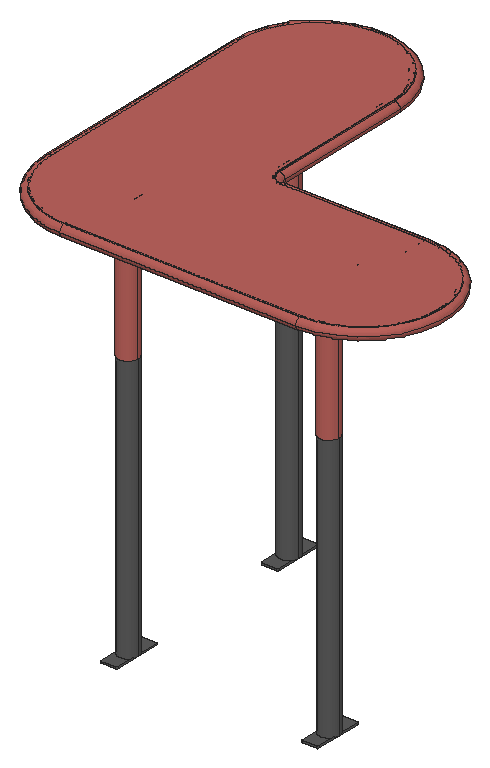
Revit family "product code 61403-F", category Meble, Revit 2021
Family settings
  Numer OmniClass = 23.40.20.00
  Tytuł OmniClass = General Furniture and Specialties
  Oparty na płaszczyźnie roboczej = Nie
  Zawsze pionowo = Tak
  Tnij formami wycięć po wczytaniu = Nie
  Współdzielony = Nie
  Punkt obliczania pomieszczeń = Nie
Parameters (values of type "Sydhavn")
  metal = Kobenhagen RAL 3000
  Width = "120 cm"
  Weight = "45 kg"
  URL = "https://kobenhagen.com/en_US/p/Sydhavn-L-shaped-Bench/234"
  Product Line = "Sydhavn"
  Product Groups = "Benches"
  Producent = "Lars Laj"
  Keynote = ""
  Opis = "Sydhavn L-shaped Bench"
  Model = "61403-F"
  Material = "Powder coated steel"
  Maintenance = "We recommend to examine and tighten all screws and bolt clamps after a few weeks’ use. In order to prevent cracks and to extend the life of the wood, it is recommended that the wood details should be oiled every 3-5 years."
  Lenght = "120 cm"
  Type Comments = ""
  Kobenhagen Materials = "larslaj.com/bim"
  Hosted on larslaj.com = "https://larslaj.com/bim"
  Height = "45 cm"
  Domyślna rzędna = 0 mm
  Copyright = "All designs and drawings are the intellectual property of Lars Laj A/S and are protected by Danish and international copyright laws."
Reference planes
  plane 1: z = 0
  plane 2 "Środek (Lewa/Prawa)": x = 0
  plane 3 "Góra": z = 1062.347
  plane 4 "Środek": y = 257.204
Forms (mm)
  Extrusion 1, solid, material "Kobenhagen RAL 3000" <- "metal", not visible
    sketch origin (0, 0, 0) x (0, 1, 0) y (0, 0, 1)
      loop
        arc (71.187, 451.5) -> (57.045, 445.642) -> (51.187, 431.5) r 20
        line (51.187, 431.5) -> (51.187, 18.231)
        arc (51.187, 18.231) -> (56.527, 5.34) -> (69.418, 0) r 18.231
        line (69.418, 0) -> (153.638, 0) -> (153.638, 15) -> (448.638, 15) -> (448.638, 0) -> (527.023, 0)
        arc (527.023, 0) -> (542.307, 6.331) -> (548.638, 21.615) r 21.615
        line (548.638, 21.615) -> (548.638, 429.407)
        arc (548.638, 429.407) -> (542.168, 445.029) -> (526.545, 451.5) r 22.093
        line (526.545, 451.5) -> (71.187, 451.5)
    from 750.378 to 745
  Extrusion 2, solid, material "Kobenhagen RAL 3000" <- "metal", not visible
    sketch origin (0, 0, 0) x (0, 1, 0) y (0, 0, 1)
      loop
        line (548.638, 396.844) -> (629.375, 854.725) -> (601.836, 859.581)
        arc (601.836, 859.581) -> (585.224, 855.898) -> (576.082, 841.547) r 22.232
        line (576.082, 841.547) -> (507.306, 451.5) -> (526.545, 451.5)
        arc (526.545, 451.5) -> (542.168, 445.029) -> (548.638, 429.407) r 22.093
        line (548.638, 429.407) -> (548.638, 396.844)
    from 745 to 750.378
  Extrusion 3, solid, material "Kobenhagen RAL 3000" <- "metal"
    sketch origin (89.732, -18.452, 0) x (0, -1, 0) y (1, 0, 0)
      loop
        circle (-275.327, -399.004) r 30.15
      loop
        circle (-275.327, -399.004) r 28.15
    from 444.1 to 0
  Extrusion 4, solid, material "Painted Black"
    sketch origin (389.004, -21.874, 0) x (1, 0, 0) y (0, 1, 0)
      loop
        line (-722.97, 354.396) -> (-722.97, 210.396)
        arc (-722.97, 210.396) -> (-722.091, 208.274) -> (-719.97, 207.396) r 3
        line (-719.97, 207.396) -> (-675.97, 207.396)
        arc (-675.97, 207.396) -> (-673.849, 208.274) -> (-672.97, 210.396) r 3
        line (-672.97, 210.396) -> (-672.97, 354.396)
        arc (-672.97, 354.396) -> (-673.849, 356.517) -> (-675.97, 357.396) r 3
        line (-675.97, 357.396) -> (-719.97, 357.396)
        arc (-719.97, 357.396) -> (-722.091, 356.517) -> (-722.97, 354.396) r 3
    from -800 to -795
  Extrusion 5, solid, material "Kobenhagen RAL 3000" <- "metal"
    sketch origin (-310.106, -20.486, 0) x (0, 1, 0) y (0, 0, 1)
      loop
        line (608.966, 447.188) -> (558.966, 447.188) -> (558.966, 417.188) -> (608.966, 417.188) -> (608.966, 447.188)
      loop
        line (606.966, 445.188) -> (560.966, 445.188) -> (560.966, 419.188) -> (606.966, 419.188) -> (606.966, 445.188)
    from -216.276 to 216.276
  Extrusion 6, solid, material "Kobenhagen RAL 3000" <- "metal"
    sketch origin (439.004, -15.597, 0) x (1, 0, 0) y (0, 1, 0)
      loop
        line (-699.004, 325.327) -> (-799.004, 325.327) -> (-799.004, 225.327) -> (-699.004, 225.327) -> (-699.004, 325.327)
    from 447.05 to 443.488
  Extrusion 7, solid, material "Painted Black"
    sketch origin (89.732, -17.202, 0) x (1, 0, 0) y (0, 1, 0)
      loop
        circle (-399.004, 275.327) r 30.15
      loop
        circle (-399.004, 275.327) r 28.15
    from 0 to -795
  Extrusion 8, solid, material "Kobenhagen RAL 3000" <- "metal"
    sketch origin (0, 0, 0) x (1, 0, 0) y (0, 1, 0)
      loop
        line (391.034, 490.354) -> (-39.938, 490.354)
        arc (-39.938, 490.354) -> (-66.218, 502.534) -> (-76.933, 529.444) r 39.15
        line (-76.933, 529.444) -> (-76.933, 958.082)
        arc (-76.933, 958.082) -> (-310.083, 1191.232) -> (-543.233, 958.082) r 233.15
        line (-543.233, 958.082) -> (-543.233, 257.144)
        arc (-543.233, 257.144) -> (-476.795, 94.153) -> (-315.344, 24.054) r 233.15
        line (-315.344, 24.054) -> (391.034, 24.054)
        arc (391.034, 24.054) -> (624.184, 257.204) -> (391.034, 490.354) r 233.15
    from 447.188 to 450
  Sweep 9, solid, material "Kobenhagen RAL 3000" <- "metal"
    path origin (-300, 0, 450) x (1, 0, 0) y (0, 1, 0)
      loop
        line (691.034, 490.354) -> (260.062, 490.354)
        arc (260.062, 490.354) -> (233.782, 502.534) -> (223.067, 529.444) r 39.15
        line (223.067, 529.444) -> (223.067, 958.082)
        arc (223.067, 958.082) -> (-10.601, 1191.75) -> (-244.269, 958.082) r 233.668
        line (-244.269, 958.082) -> (-244.269, 256.817)
        arc (-244.269, 256.817) -> (-176.221, 92.537) -> (-11.941, 24.49) r 232.327
        line (-11.941, 24.49) -> (691.034, 24.49)
        arc (691.034, 24.49) -> (923.966, 257.422) -> (691.034, 490.354) r 232.932
    profile origin (175.548, 490.354, 450) x (0, -1, 0) y (0, 0, 1)
      loop
        circle (0, -16.8) r 16.85
      loop
        circle (0, -16.8) r 14.85
  Extrusion 10, solid, material "Kobenhagen RAL 3000" <- "metal"
    sketch origin (577.5, 257.204, 0) x (-1, 0, 0) y (0, 0, 1)
      loop
        line (608.966, 447.188) -> (558.966, 447.188) -> (558.966, 417.188) -> (608.966, 417.188) -> (608.966, 447.188)
      loop
        line (606.966, 445.188) -> (560.966, 445.188) -> (560.966, 419.188) -> (606.966, 419.188) -> (606.966, 445.188)
    from -216.276 to 216.276
  Extrusion 11, solid, material "Kobenhagen RAL 3000" <- "metal"
    sketch origin (947.5, 257.204, 0) x (-1, 0, 0) y (0, 0, 1)
      loop
        line (608.966, 447.188) -> (558.966, 447.188) -> (558.966, 417.188) -> (608.966, 417.188) -> (608.966, 447.188)
      loop
        line (606.966, 445.188) -> (560.966, 445.188) -> (560.966, 419.188) -> (606.966, 419.188) -> (606.966, 445.188)
    from -216.276 to 216.276
  Extrusion 12, solid, material "Kobenhagen RAL 5012", not visible
    sketch origin (-110.268, -19.702, 0) x (0, -1, 0) y (1, 0, 0)
      loop
        circle (-275.327, -399.004) r 30.15
      loop
        circle (-275.327, -399.004) r 28.15
    from 444.1 to 0
  Extrusion 13, solid, material "Kobenhagen RAL 5012", not visible
    sketch origin (239.004, -16.847, 0) x (1, 0, 0) y (0, 1, 0)
      loop
        line (-699.004, 325.327) -> (-799.004, 325.327) -> (-799.004, 225.327) -> (-699.004, 225.327) -> (-699.004, 325.327)
    from 447.05 to 443.488
  Extrusion 14, solid, material "Kobenhagen RAL 3000" <- "metal"
    sketch origin (689.664, -19.702, 0) x (0, -1, 0) y (1, 0, 0)
      loop
        circle (-275.327, -399.004) r 30.15
      loop
        circle (-275.327, -399.004) r 28.15
    from 444.1 to 0
  Extrusion 15, solid, material "Kobenhagen RAL 3000" <- "metal"
    sketch origin (1038.936, -16.847, 0) x (1, 0, 0) y (0, 1, 0)
      loop
        line (-699.004, 325.327) -> (-799.004, 325.327) -> (-799.004, 225.327) -> (-699.004, 225.327) -> (-699.004, 325.327)
    from 447.05 to 443.488
  Extrusion 16, solid, material "Painted Black", not visible
    sketch origin (189.004, -23.124, 0) x (1, 0, 0) y (0, 1, 0)
      loop
        line (-722.97, 354.396) -> (-722.97, 210.396)
        arc (-722.97, 210.396) -> (-722.091, 208.274) -> (-719.97, 207.396) r 3
        line (-719.97, 207.396) -> (-675.97, 207.396)
        arc (-675.97, 207.396) -> (-673.849, 208.274) -> (-672.97, 210.396) r 3
        line (-672.97, 210.396) -> (-672.97, 354.396)
        arc (-672.97, 354.396) -> (-673.849, 356.517) -> (-675.97, 357.396) r 3
        line (-675.97, 357.396) -> (-719.97, 357.396)
        arc (-719.97, 357.396) -> (-722.091, 356.517) -> (-722.97, 354.396) r 3
    from -800 to -795
  Extrusion 17, solid, material "Painted Black", not visible
    sketch origin (-110.268, -18.452, 0) x (1, 0, 0) y (0, 1, 0)
      loop
        circle (-399.004, 275.327) r 30.15
      loop
        circle (-399.004, 275.327) r 28.15
    from 0 to -795
  Extrusion 18, solid, material "Painted Black"
    sketch origin (988.936, -23.124, 0) x (1, 0, 0) y (0, 1, 0)
      loop
        line (-722.97, 354.396) -> (-722.97, 210.396)
        arc (-722.97, 210.396) -> (-722.091, 208.274) -> (-719.97, 207.396) r 3
        line (-719.97, 207.396) -> (-675.97, 207.396)
        arc (-675.97, 207.396) -> (-673.849, 208.274) -> (-672.97, 210.396) r 3
        line (-672.97, 210.396) -> (-672.97, 354.396)
        arc (-672.97, 354.396) -> (-673.849, 356.517) -> (-675.97, 357.396) r 3
        line (-675.97, 357.396) -> (-719.97, 357.396)
        arc (-719.97, 357.396) -> (-722.091, 356.517) -> (-722.97, 354.396) r 3
    from -800 to -795
  Extrusion 19, solid, material "Painted Black"
    sketch origin (689.664, -18.452, 0) x (1, 0, 0) y (0, 1, 0)
      loop
        circle (-399.004, 275.327) r 30.15
      loop
        circle (-399.004, 275.327) r 28.15
    from 0 to -795
  Extrusion 20, solid, material "Kobenhagen RAL 3000" <- "metal"
    sketch origin (89.732, 580.298, 0) x (0, -1, 0) y (1, 0, 0)
      loop
        circle (-275.327, -399.004) r 30.15
      loop
        circle (-275.327, -399.004) r 28.15
    from 444.1 to 0
  Extrusion 21, solid, material "Painted Black"
    sketch origin (389.004, 576.876, 0) x (1, 0, 0) y (0, 1, 0)
      loop
        line (-722.97, 354.396) -> (-722.97, 210.396)
        arc (-722.97, 210.396) -> (-722.091, 208.274) -> (-719.97, 207.396) r 3
        line (-719.97, 207.396) -> (-675.97, 207.396)
        arc (-675.97, 207.396) -> (-673.849, 208.274) -> (-672.97, 210.396) r 3
        line (-672.97, 210.396) -> (-672.97, 354.396)
        arc (-672.97, 354.396) -> (-673.849, 356.517) -> (-675.97, 357.396) r 3
        line (-675.97, 357.396) -> (-719.97, 357.396)
        arc (-719.97, 357.396) -> (-722.091, 356.517) -> (-722.97, 354.396) r 3
    from -800 to -795
  Extrusion 22, solid, material "Kobenhagen RAL 3000" <- "metal"
    sketch origin (439.004, 583.153, 0) x (1, 0, 0) y (0, 1, 0)
      loop
        line (-699.004, 325.327) -> (-799.004, 325.327) -> (-799.004, 225.327) -> (-699.004, 225.327) -> (-699.004, 325.327)
    from 447.05 to 443.488
  Extrusion 23, solid, material "Painted Black"
    sketch origin (89.732, 581.548, 0) x (1, 0, 0) y (0, 1, 0)
      loop
        circle (-399.004, 275.327) r 30.15
      loop
        circle (-399.004, 275.327) r 28.15
    from 0 to -795
  Extrusion 24, solid, material "Kobenhagen RAL 3000" <- "metal"
    sketch origin (-310.106, 349.116, 0) x (0, 1, 0) y (0, 0, 1)
      loop
        line (608.966, 447.188) -> (558.966, 447.188) -> (558.966, 417.188) -> (608.966, 417.188) -> (608.966, 447.188)
      loop
        line (606.966, 445.188) -> (560.966, 445.188) -> (560.966, 419.188) -> (606.966, 419.188) -> (606.966, 445.188)
    from -216.276 to 216.276
Dimensions and locks
  aligned and locked: level to plane 1
